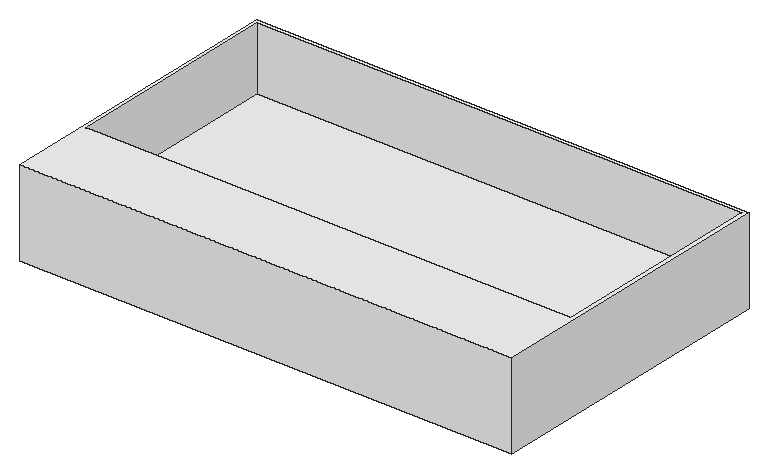
Revit family "Washbasins-hansgrohe-61097XXX-Xevolos E Washbasin 800_480 without tap hole and overflow, SmartClean", category Plumbing Fixtures, Revit 2019
Family settings
  Round Connector Dimension = Use Diameter
  Part Type = Valve - Breaks Into
  OmniClass Number = 23.31.13.00
  Work Plane-Based = No
  Always vertical = Yes
  Cut with Voids When Loaded = No
  Shared = Yes
  Room Calculation Point = No
Parameters (values of type "61097-61097450-GLOSSY_WHITE-200")
  X2 = 0
  X1 = 280
  WEIGHT = "20"
  UNSPSC = "301815 | Sanitary ware"
  UNIFORMATII = "D2010 | Plumbing Fixtures"
  UNICLASS_2015_CODE = "40_20_96"
  UNICLASS2015 = "Pr_40_20_96 | Wash basins, sinks and troughs"
  TYP = 1
  TAP = 0
  SURFACE = "GLOSSY_WHITE"
  SPECIFICATION = "Surfaces:  - 61097450 White   Specification:  • consists of: washbasin, waste set, cover  • material: ceramic  • SmartClean: dirt-repellent glaze • degree of gloss: glossy  • ceramic cover included • without tap hole • without overflow • without shelf • non-closing waste set • 800 x 480 mm • type of installation: wall mounted  • suitable for cabinet"
  REGION = "Worldwide"
  PRODUCTURL = "https://pro.hansgrohe.com/articledetail--61097450"
  PRODUCTGROUP = "Washbasins"
  PRODUCTFAMILY = "Xevolos E"
  PERMALINK = "61097XXX"
  OMNICLASS = "23-31 13 00 | Sinks"
  OBJECTTYPE = "Object (single object)"
  NN = "Xevolos Washbasin"
  NBSYN = "$BASENUMBER.-$ARTNR.-$SURFACE.-$LODLEVEL."
  NB = "61097-61097450-GLOSSY_WHITE-200"
  NAME = "Xevolos E Washbasin 800/480 without tap hole and overflow, SmartClean"
  Model = "61097-61097450-GLOSSY_WHITE-200"
  Manufacturer = "Hansgrohe"
  MIdent = "{$CADENAS_DATA/23d-libs/hansgrohe/xevolos_washbasin/xevolos_washbasin.prj},222 {VTYP=3D},{NB=61097-61097450-GLOSSY_WHITE-200},{LINA=61097-61097450-GLOSSY_WHITE-200},{NN=Xevolos Washbasin},{DATE=13.03.2023 11:34:45},{GEOMDATE=13.03.2023 11:34:00},{VERSION=},{LINEID=770},{WBVAR=LODLEVEL},{WBNUMERIC=}  {NB=61097-61097450-GLOSSY_WHITE-200},{LINA=61097-61097450-GLOSSY_WHITE-200},{KT=DUMMY},{IDNR=10},{ARTNR=61097450},{BASENUMBER=61097},{MODEL=61097XXX},{SURFACE=GLOSSY_WHITE},{LODLEVEL=200},{LODLEVELX='400','400','200','200'},{L=800.000},{LI=560.000},{X1=280.000},{X2=0.000},{DO=46.000},{DOT=35.000},{TAP=0},{TYP=1},{NAME=Xevolos E Washbasin 800/480 without tap hole and overflow, SmartClean},{PERMALINK=61097XXX},{OBJECTTYPE=Object (single object)},{BIMOBJECT=Sanitary: Wash Basins},{PRODUCTFAMILY=Xevolos E},{PRODUCTGROUP=Washbasins},{WEIGHT=20},{DESCRIPTION=Xevolos E Washbasin 800/480 without tap hole and overflow, SmartClean},{SPECIFICATION=Surfaces:  - 61097450 White   Specification:  • consists of: washbasin, waste set, cover  • material: ceramic  • SmartClean: dirt-repellent glaze • degree of gloss: glossy  • ceramic cover included • without tap hole • without overflow • without shelf • non-closing waste set • 800 x 480 mm • type of installation: wall mounted  • suitable for cabinet},{PRODUCTURL=https://pro.hansgrohe.com/articledetail--61097450},{GTINCODE=4059625420829},{IFC=Sanitary Terminal},{ETIM=EC011550 | Washbasin},{UNICLASS2015=Pr_40_20_96 | Wash basins, sinks and troughs},{OMNICLASS=23-31 13 00 | Sinks},{MASTERFORMAT=22 41 16.13 | Residential Lavatories},{UNSPSC=301815 | Sanitary ware},{UNIFORMATII=D2010 | Plumbing Fixtures},{REGION=Worldwide},{DESIGN=Germany},{MANUFACTURER=Germany}"
  MASTERFORMAT = "22 41 16.13 | Residential Lavatories"
  LODLEVEL = "200"
  LINA = "61097-61097450-GLOSSY_WHITE-200"
  LI = 560
  L = 800
  IFC = "Sanitary Terminal"
  GTINCODE = "4059625420829"
  ETIM = "EC011550 | Washbasin"
  DOT = 35
  DO = 46
  DESIGN = "Germany"
  CNSPipeRound/cp_Ausgang_1_V = no
  CATALOG = "Hansgrohe"
  BIMOBJECT = "Sanitary: Wash Basins"
  BASENUMBER = "61097"
  ARTNR = "61097450"
  61097-61097450-GLOSSY_WHITE-400_RX0RY0RZ0TX0TY0TZ0_V = no
  61097-61097450-GLOSSY_WHITE-200_RX0RY0RZ0TX0TY0TZ0_V = yes
Types (3, lengths in mm): name | NB | Model | MIdent | LODLEVEL | LINA | 61097-61097450-GLOSSY_WHITE-400_RX0RY0RZ0TX0TY0TZ0_V | 61097-61097450-GLOSSY_WHITE-200_RX0RY0RZ0TX0TY0TZ0_V
  (no name) | "61097-61097450-GLOSSY_WHITE-400" | "61097-61097450-GLOSSY_WHITE-400" | "{$CADENAS_DATA/23d-libs/hansgrohe/xevolos_washbasin/xevolos_washbasin.prj},222 {VTYP=3D},{NB=61097-61097450-GLOSSY_WHITE-400},{LINA=61097-61097450-GLOSSY_WHITE-400},{NN=Xevolos Washbasin},{DATE=13.03.2023 11:34:45},{GEOMDATE=13.03.2023 11:34:00},{VERSION=},{LINEID=770},{WBVAR=LODLEVEL},{WBNUMERIC=}  {NB=61097-61097450-GLOSSY_WHITE-400},{LINA=61097-61097450-GLOSSY_WHITE-400},{KT=DUMMY},{IDNR=10},{ARTNR=61097450},{BASENUMBER=61097},{MODEL=61097XXX},{SURFACE=GLOSSY_WHITE},{LODLEVEL=400},{LODLEVELX='400','400','200','200'},{L=800.000},{LI=560.000},{X1=280.000},{X2=0.000},{DO=46.000},{DOT=35.000},{TAP=0},{TYP=1},{NAME=Xevolos E Washbasin 800/480 without tap hole and overflow, SmartClean},{PERMALINK=61097XXX},{OBJECTTYPE=Object (single object)},{BIMOBJECT=Sanitary: Wash Basins},{PRODUCTFAMILY=Xevolos E},{PRODUCTGROUP=Washbasins},{WEIGHT=20},{DESCRIPTION=Xevolos E Washbasin 800/480 without tap hole and overflow, SmartClean},{SPECIFICATION=Surfaces:  - 61097450 White   Specification:  • consists of: washbasin, waste set, cover  • material: ceramic  • SmartClean: dirt-repellent glaze • degree of gloss: glossy  • ceramic cover included • without tap hole • without overflow • without shelf • non-closing waste set • 800 x 480 mm • type of installation: wall mounted  • suitable for cabinet},{PRODUCTURL=https://pro.hansgrohe.com/articledetail--61097450},{GTINCODE=4059625420829},{IFC=Sanitary Terminal},{ETIM=EC011550 | Washbasin},{UNICLASS2015=Pr_40_20_96 | Wash basins, sinks and troughs},{OMNICLASS=23-31 13 00 | Sinks},{MASTERFORMAT=22 41 16.13 | Residential Lavatories},{UNSPSC=301815 | Sanitary ware},{UNIFORMATII=D2010 | Plumbing Fixtures},{REGION=Worldwide},{DESIGN=Germany},{MANUFACTURER=Germany}" | "400" | "61097-61097450-GLOSSY_WHITE-400" | yes | yes
  61097-61097450-GLOSSY_WHITE-200 | "61097-61097450-GLOSSY_WHITE-200" | "61097-61097450-GLOSSY_WHITE-200" | "{$CADENAS_DATA/23d-libs/hansgrohe/xevolos_washbasin/xevolos_washbasin.prj},222 {VTYP=3D},{NB=61097-61097450-GLOSSY_WHITE-200},{LINA=61097-61097450-GLOSSY_WHITE-200},{NN=Xevolos Washbasin},{DATE=13.03.2023 11:34:45},{GEOMDATE=13.03.2023 11:34:00},{VERSION=},{LINEID=770},{WBVAR=LODLEVEL},{WBNUMERIC=}  {NB=61097-61097450-GLOSSY_WHITE-200},{LINA=61097-61097450-GLOSSY_WHITE-200},{KT=DUMMY},{IDNR=10},{ARTNR=61097450},{BASENUMBER=61097},{MODEL=61097XXX},{SURFACE=GLOSSY_WHITE},{LODLEVEL=200},{LODLEVELX='400','400','200','200'},{L=800.000},{LI=560.000},{X1=280.000},{X2=0.000},{DO=46.000},{DOT=35.000},{TAP=0},{TYP=1},{NAME=Xevolos E Washbasin 800/480 without tap hole and overflow, SmartClean},{PERMALINK=61097XXX},{OBJECTTYPE=Object (single object)},{BIMOBJECT=Sanitary: Wash Basins},{PRODUCTFAMILY=Xevolos E},{PRODUCTGROUP=Washbasins},{WEIGHT=20},{DESCRIPTION=Xevolos E Washbasin 800/480 without tap hole and overflow, SmartClean},{SPECIFICATION=Surfaces:  - 61097450 White   Specification:  • consists of: washbasin, waste set, cover  • material: ceramic  • SmartClean: dirt-repellent glaze • degree of gloss: glossy  • ceramic cover included • without tap hole • without overflow • without shelf • non-closing waste set • 800 x 480 mm • type of installation: wall mounted  • suitable for cabinet},{PRODUCTURL=https://pro.hansgrohe.com/articledetail--61097450},{GTINCODE=4059625420829},{IFC=Sanitary Terminal},{ETIM=EC011550 | Washbasin},{UNICLASS2015=Pr_40_20_96 | Wash basins, sinks and troughs},{OMNICLASS=23-31 13 00 | Sinks},{MASTERFORMAT=22 41 16.13 | Residential Lavatories},{UNSPSC=301815 | Sanitary ware},{UNIFORMATII=D2010 | Plumbing Fixtures},{REGION=Worldwide},{DESIGN=Germany},{MANUFACTURER=Germany}" | "200" | "61097-61097450-GLOSSY_WHITE-200" | no | yes
  61097-61097450-GLOSSY_WHITE-400 | "61097-61097450-GLOSSY_WHITE-400" | "61097-61097450-GLOSSY_WHITE-400" | "{$CADENAS_DATA/23d-libs/hansgrohe/xevolos_washbasin/xevolos_washbasin.prj},222 {VTYP=3D},{NB=61097-61097450-GLOSSY_WHITE-400},{LINA=61097-61097450-GLOSSY_WHITE-400},{NN=Xevolos Washbasin},{DATE=13.03.2023 11:34:45},{GEOMDATE=13.03.2023 11:34:00},{VERSION=},{LINEID=770},{WBVAR=LODLEVEL},{WBNUMERIC=}  {NB=61097-61097450-GLOSSY_WHITE-400},{LINA=61097-61097450-GLOSSY_WHITE-400},{KT=DUMMY},{IDNR=10},{ARTNR=61097450},{BASENUMBER=61097},{MODEL=61097XXX},{SURFACE=GLOSSY_WHITE},{LODLEVEL=400},{LODLEVELX='400','400','200','200'},{L=800.000},{LI=560.000},{X1=280.000},{X2=0.000},{DO=46.000},{DOT=35.000},{TAP=0},{TYP=1},{NAME=Xevolos E Washbasin 800/480 without tap hole and overflow, SmartClean},{PERMALINK=61097XXX},{OBJECTTYPE=Object (single object)},{BIMOBJECT=Sanitary: Wash Basins},{PRODUCTFAMILY=Xevolos E},{PRODUCTGROUP=Washbasins},{WEIGHT=20},{DESCRIPTION=Xevolos E Washbasin 800/480 without tap hole and overflow, SmartClean},{SPECIFICATION=Surfaces:  - 61097450 White   Specification:  • consists of: washbasin, waste set, cover  • material: ceramic  • SmartClean: dirt-repellent glaze • degree of gloss: glossy  • ceramic cover included • without tap hole • without overflow • without shelf • non-closing waste set • 800 x 480 mm • type of installation: wall mounted  • suitable for cabinet},{PRODUCTURL=https://pro.hansgrohe.com/articledetail--61097450},{GTINCODE=4059625420829},{IFC=Sanitary Terminal},{ETIM=EC011550 | Washbasin},{UNICLASS2015=Pr_40_20_96 | Wash basins, sinks and troughs},{OMNICLASS=23-31 13 00 | Sinks},{MASTERFORMAT=22 41 16.13 | Residential Lavatories},{UNSPSC=301815 | Sanitary ware},{UNIFORMATII=D2010 | Plumbing Fixtures},{REGION=Worldwide},{DESIGN=Germany},{MANUFACTURER=Germany}" | "400" | "61097-61097450-GLOSSY_WHITE-400" | yes | no
Reference planes
  plane 1 "Center (Front/Back)": y = 0
  plane 2: z = 0
  plane 3 "Center (Left/Right)": x = 0
Dimensions and locks
  aligned and locked: level to plane 2
Nested families
  nested 1: "61097-61097450-glossy_white-200_content" at (0, 0, 0), visible <- "61097-61097450-GLOSSY_WHITE-200_RX0RY0RZ0TX0TY0TZ0_V", ContentVisible <- "61097-61097450-GLOSSY_WHITE-200_RX0RY0RZ0TX0TY0TZ0_V", type "61097-61097450-GLOSSY_WHITE-200_Content"
    with ContentVisible yes
  nested 2: "61097-61097450-glossy_white-400_content" at (0, 0, 0), visible <- "61097-61097450-GLOSSY_WHITE-400_RX0RY0RZ0TX0TY0TZ0_V", ContentVisible <- "61097-61097450-GLOSSY_WHITE-400_RX0RY0RZ0TX0TY0TZ0_V", type "61097-61097450-GLOSSY_WHITE-400_Content"
    with ContentVisible no
  nested 3: "ConnectorHost2019" at (0, 0, 0), visible <- "CNSPipeRound/cp_Ausgang_1_V", type "ConnectorHost2019"
    with Visible no, TransZ 0 mm, TransY 0 mm, TransX 0 mm, ScaleZ 1 mm, ScaleY 1 mm, ScaleX 1 mm, RotZ 180.00°, RotY 360.00°, RotX 180.00°
Connectors
  piping at (0, 0, 0), diameter 46
    settings: on nested 3, index 1, connector inside diameter 609.6 mm, connector length 0 mm, flow factor 0, pipe flow 0.0 L/s, pressure drop 0.0 Pa, fitting loss kfactor 0, connector angle 0.00°, fixture units 0, engagement length 0 mm, angle of deflection 0.00°, flow configuration 0, flow direction 2, fitting loss method 0, system type 29, joint type 0, gender type 0, connector reference index -1, connector utility 0, adjustable connector no, is connector primary yes, connector description ""
Definition of nested family "61097-61097450-glossy_white-200_content"
  Parameters (values of type "61097-61097450-GLOSSY_WHITE-200_Content")
    X2 = 0
    X1 = 280
    WEIGHT = "20"
    UNSPSC = "301815 | Sanitary ware"
    UNIFORMATII = "D2010 | Plumbing Fixtures"
    UNICLASS_2015_CODE = "40_20_96"
    UNICLASS2015 = "Pr_40_20_96 | Wash basins, sinks and troughs"
    TYP = 1
    TAP = 0
    SURFACE = "GLOSSY_WHITE"
    SPECIFICATION = "Surfaces:  - 61097450 White   Specification:  • consists of: washbasin, waste set, cover  • material: ceramic  • SmartClean: dirt-repellent glaze • degree of gloss: glossy  • ceramic cover included • without tap hole • without overflow • without shelf • non-closing waste set • 800 x 480 mm • type of installation: wall mounted  • suitable for cabinet"
    REGION = "Worldwide"
    PRODUCTURL = "https://pro.hansgrohe.com/articledetail--61097450"
    PRODUCTGROUP = "Washbasins"
    PRODUCTFAMILY = "Xevolos E"
    PERMALINK = "61097XXX"
    OMNICLASS = "23-31 13 00 | Sinks"
    OBJECTTYPE = "Object (single object)"
    NN = "Xevolos Washbasin"
    NBSYN = "$BASENUMBER.-$ARTNR.-$SURFACE.-$LODLEVEL."
    NB = "61097-61097450-GLOSSY_WHITE-200"
    NAME = "Xevolos E Washbasin 800/480 without tap hole and overflow, SmartClean"
    Model = "61097-61097450-GLOSSY_WHITE-200"
    Manufacturer = "Hansgrohe"
    MASTERFORMAT = "22 41 16.13 | Residential Lavatories"
    LODLEVEL = "200"
    LINA = "61097-61097450-GLOSSY_WHITE-200"
    LI = 560
    L = 800
    IFC = "Sanitary Terminal"
    GTINCODE = "4059625420829"
    ETIM = "EC011550 | Washbasin"
    Default Elevation = 1219.2 mm
    DOT = 35
    DO = 46
    DESIGN = "Germany"
    ContentVisible [instance] = yes
    CATALOG = "Hansgrohe"
    BIMOBJECT = "Sanitary: Wash Basins"
    BASENUMBER = "61097"
    ARTNR = "61097450"
  Reference planes
    plane 1 "Center (Front/Back)": y = 0
    plane 2: z = 0
    plane 3 "Center (Left/Right)": x = 0
  Forms (mm)
    Extrusion 1, solid, visible <- "ContentVisible", detail levels medium+fine
      sketch origin (0, -295, 147) x (-1, 0, 0) y (0, -1, 0)
        loop
          line (-400, -480) -> (400, -480) -> (400, 0) -> (-400, 0) -> (-400, -480)
      from -140 to 0
    Extrusion 2, void, detail levels medium+fine
      sketch origin (0, -295, 147) x (-1, 0, 0) y (0, -1, 0)
        loop
          line (-394, -126) -> (-394, -474) -> (394, -474) -> (394, -126) -> (-394, -126)
      from -102.5 to 0
    Extrusion 3, solid, visible <- "ContentVisible", detail levels medium+fine
      sketch origin (0, -295, 7) x (-1, 0, 0) y (0, -1, 0)
        loop
          circle (0, -295) r 34
      from -10 to 0
    Extrusion 4, solid, visible <- "ContentVisible", detail levels coarse
      sketch origin (0, -55, -3) x (1, 0, 0) y (0, 1, 0)
        loop
          line (-400, -240) -> (400, -240) -> (400, 240) -> (-400, 240) -> (-400, -240)
      from 0 to 150
  Cuts and joins
    Extrusion 2 cuts Extrusion 1
  Dimensions and locks
    aligned and locked: level to plane 2
Definition of nested family "61097-61097450-glossy_white-400_content"
  Parameters (values of type "61097-61097450-GLOSSY_WHITE-400_Content")
    X2 = 0
    X1 = 280
    WEIGHT = "20"
    UNSPSC = "301815 | Sanitary ware"
    UNIFORMATII = "D2010 | Plumbing Fixtures"
    UNICLASS_2015_CODE = "40_20_96"
    UNICLASS2015 = "Pr_40_20_96 | Wash basins, sinks and troughs"
    TYP = 1
    TAP = 0
    SURFACE = "GLOSSY_WHITE"
    SPECIFICATION = "Surfaces:  - 61097450 White   Specification:  • consists of: washbasin, waste set, cover  • material: ceramic  • SmartClean: dirt-repellent glaze • degree of gloss: glossy  • ceramic cover included • without tap hole • without overflow • without shelf • non-closing waste set • 800 x 480 mm • type of installation: wall mounted  • suitable for cabinet"
    REGION = "Worldwide"
    PRODUCTURL = "https://pro.hansgrohe.com/articledetail--61097450"
    PRODUCTGROUP = "Washbasins"
    PRODUCTFAMILY = "Xevolos E"
    PERMALINK = "61097XXX"
    OMNICLASS = "23-31 13 00 | Sinks"
    OBJECTTYPE = "Object (single object)"
    NN = "Xevolos Washbasin"
    NBSYN = "$BASENUMBER.-$ARTNR.-$SURFACE.-$LODLEVEL."
    NB = "61097-61097450-GLOSSY_WHITE-400"
    NAME = "Xevolos E Washbasin 800/480 without tap hole and overflow, SmartClean"
    Model = "61097-61097450-GLOSSY_WHITE-400"
    Manufacturer = "Hansgrohe"
    MASTERFORMAT = "22 41 16.13 | Residential Lavatories"
    LODLEVEL = "400"
    LINA = "61097-61097450-GLOSSY_WHITE-400"
    LI = 560
    L = 800
    IFC = "Sanitary Terminal"
    GTINCODE = "4059625420829"
    ETIM = "EC011550 | Washbasin"
    Default Elevation = 1219.2 mm
    DOT = 35
    DO = 46
    DESIGN = "Germany"
    ContentVisible [instance] = yes
    CATALOG = "Hansgrohe"
    BIMOBJECT = "Sanitary: Wash Basins"
    BASENUMBER = "61097"
    ARTNR = "61097450"
  Reference planes
    plane 1 "Center (Front/Back)": y = 0
    plane 2: z = 0
    plane 3 "Center (Left/Right)": x = 0
  Forms (mm)
    Extrusion 1, solid, visible <- "ContentVisible", detail levels medium+fine
      sketch origin (0, -295, 7) x (0, 0, -1) y (0, -1, 0)
        loop
          line (-140, -474) -> (-121, -474) -> (-62.906, -440.46)
          arc (-62.906, -440.46) -> (-37.353, -414.906) -> (-28, -380) r 69.813
          line (-28, -380) -> (-37.5, -380)
          arc (-37.5, -380) -> (-45.58, -410.156) -> (-67.656, -432.232) r 60.313
          line (-67.656, -432.232) -> (-140, -474)
      from -295 to 295
    Revolve 2, solid, visible <- "ContentVisible", detail levels medium+fine
      sketch origin (-295, -295, 7) x (0, 0, -1) y (0, -1, 0)
        loop
          line (-140, -474) -> (-121, -474) -> (-62.906, -440.46)
          arc (-62.906, -440.46) -> (-37.353, -414.906) -> (-28, -380) r 69.813
          line (-28, -380) -> (-37.5, -380)
          arc (-37.5, -380) -> (-45.58, -410.156) -> (-67.656, -432.232) r 60.313
          line (-67.656, -432.232) -> (-140, -474)
        axis (-140, -375) -> (-28, -375)
      angle from -90 to 0
    Extrusion 3, solid, visible <- "ContentVisible", detail levels medium+fine
      sketch origin (0, -70, 7) x (-1, 0, 0) y (0, 0, -1)
        loop
          line (300, -28) -> (300, -37.5)
          arc (300, -37.5) -> (330.156, -45.58) -> (352.232, -67.656) r 60.313
          line (352.232, -67.656) -> (394, -140) -> (394, -121) -> (360.46, -62.906)
          arc (360.46, -62.906) -> (334.906, -37.353) -> (300, -28) r 69.813
      from -150 to 0
    Revolve 4, solid, visible <- "ContentVisible", detail levels medium+fine
      sketch origin (-295, -295, 7) x (0, 0, -1) y (0, -1, 0)
        loop
          line (-140, -126) -> (-67.656, -167.768)
          arc (-67.656, -167.768) -> (-45.58, -189.844) -> (-37.5, -220) r 60.313
          line (-37.5, -220) -> (-28, -220)
          arc (-28, -220) -> (-37.353, -185.094) -> (-62.906, -159.54) r 69.813
          line (-62.906, -159.54) -> (-121, -126) -> (-140, -126)
        axis (-28, -225) -> (-140, -225)
      angle from -90 to 0
    Extrusion 5, solid, visible <- "ContentVisible", detail levels medium+fine
      sketch origin (0, -295, 7) x (0, 0, -1) y (0, -1, 0)
        loop
          line (-140, -126) -> (-67.656, -167.768)
          arc (-67.656, -167.768) -> (-45.58, -189.844) -> (-37.5, -220) r 60.313
          line (-37.5, -220) -> (-28, -220)
          arc (-28, -220) -> (-37.353, -185.094) -> (-62.906, -159.54) r 69.813
          line (-62.906, -159.54) -> (-121, -126) -> (-140, -126)
      from -295 to 295
    Revolve 6, solid, visible <- "ContentVisible", detail levels medium+fine
      sketch origin (295, -295, 7) x (0, 0, -1) y (0, -1, 0)
        loop
          line (-140, -126) -> (-67.656, -167.768)
          arc (-67.656, -167.768) -> (-45.58, -189.844) -> (-37.5, -220) r 60.313
          line (-37.5, -220) -> (-28, -220)
          arc (-28, -220) -> (-37.353, -185.094) -> (-62.906, -159.54) r 69.813
          line (-62.906, -159.54) -> (-121, -126) -> (-140, -126)
        axis (-28, -225) -> (-140, -225)
      angle from 0 to 90
    Extrusion 7, solid, visible <- "ContentVisible", detail levels medium+fine
      sketch origin (0, -70, 7) x (-1, 0, 0) y (0, 0, -1)
        loop
          line (-394, -121) -> (-394, -140) -> (-352.232, -67.656)
          arc (-352.232, -67.656) -> (-330.156, -45.58) -> (-300, -37.5) r 60.313
          line (-300, -37.5) -> (-300, -28)
          arc (-300, -28) -> (-334.906, -37.353) -> (-360.46, -62.906) r 69.813
          line (-360.46, -62.906) -> (-394, -121)
      from -150 to 0
    Revolve 8, solid, visible <- "ContentVisible", detail levels medium+fine
      sketch origin (295, -295, 7) x (0, 0, -1) y (0, -1, 0)
        loop
          line (-140, -474) -> (-121, -474) -> (-62.906, -440.46)
          arc (-62.906, -440.46) -> (-37.353, -414.906) -> (-28, -380) r 69.813
          line (-28, -380) -> (-37.5, -380)
          arc (-37.5, -380) -> (-45.58, -410.156) -> (-67.656, -432.232) r 60.313
          line (-67.656, -432.232) -> (-140, -474)
        axis (-140, -375) -> (-28, -375)
      angle from 0 to 90
    Extrusion 9, solid, visible <- "ContentVisible", detail levels medium+fine
      sketch origin (0, -295, 35) x (-1, 0, 0) y (0, -1, 0)
        loop
          line (-300, -225) -> (-300, -375)
          arc (-300, -375) -> (-298.536, -378.536) -> (-295, -380) r 5
          line (-295, -380) -> (295, -380)
          arc (295, -380) -> (298.536, -378.536) -> (300, -375) r 5
          line (300, -375) -> (300, -225)
          arc (300, -225) -> (298.536, -221.464) -> (295, -220) r 5
          line (295, -220) -> (-295, -220)
          arc (-295, -220) -> (-298.536, -221.464) -> (-300, -225) r 5
        loop
          line (-60, -252.5) -> (-60, -337.5) -> (60, -337.5) -> (60, -252.5) -> (-60, -252.5)
      from 0 to 9.5
    Extrusion 10, solid, visible <- "ContentVisible", detail levels medium+fine
      sketch origin (0, -295, 147) x (-1, 0, 0) y (0, -1, 0)
        loop
          line (-400, -480) -> (400, -480) -> (400, 0) -> (-400, 0) -> (-400, -480)
        loop
          line (-394, -226) -> (-394, -374)
          arc (-394, -374) -> (-364.711, -444.711) -> (-294, -474) r 100
          line (-294, -474) -> (294, -474)
          arc (294, -474) -> (364.711, -444.711) -> (394, -374) r 100
          line (394, -374) -> (394, -226)
          arc (394, -226) -> (364.711, -155.289) -> (294, -126) r 100
          line (294, -126) -> (-294, -126)
          arc (-294, -126) -> (-364.711, -155.289) -> (-394, -226) r 100
      from -13 to 0
    Extrusion 11, solid, visible <- "ContentVisible", detail levels medium+fine
      sketch origin (0, -295, 134) x (-1, 0, 0) y (0, -1, 0)
        loop
          line (-400, -480) -> (400, -480) -> (400, 0) -> (390, 0) -> (390, -470) -> (-390, -470) -> (-390, 0) -> (-400, 0) -> (-400, -480)
      from -127 to 0
    Extrusion 12, solid, visible <- "ContentVisible", detail levels medium+fine
      sketch origin (0, -295, 17) x (-1, 0, 0) y (0, -1, 0)
        loop
          line (-390, -35) -> (-390, -470) -> (390, -470) -> (390, -35) -> (350, -35) -> (350, -380)
          arc (350, -380) -> (335.355, -415.355) -> (300, -430) r 50
          line (300, -430) -> (-300, -430)
          arc (-300, -430) -> (-335.355, -415.355) -> (-350, -380) r 50
          line (-350, -380) -> (-350, -35) -> (-390, -35)
      from 0 to 50
    Extrusion 13, solid, visible <- "ContentVisible", detail levels medium+fine
      sketch origin (0, -295, 7) x (-1, 0, 0) y (0, 0, -1)
        loop
          line (-390, -10) -> (-390, -127) -> (390, -127) -> (390, -10) -> (65, -10) -> (59.568, -21.649)
          arc (59.568, -21.649) -> (55.509, -26.277) -> (49.599, -28) r 11
          line (49.599, -28) -> (-49.599, -28)
          arc (-49.599, -28) -> (-55.509, -26.277) -> (-59.568, -21.649) r 11
          line (-59.568, -21.649) -> (-65, -10) -> (-390, -10)
      from -35 to 0
    Extrusion 14, solid, visible <- "ContentVisible", detail levels medium+fine
      sketch origin (-280, -295, 7) x (0, 0, -1) y (0, -1, 0)
        loop
          line (-127, -35) -> (-127, -127.732) -> (-65.156, -163.437)
          arc (-65.156, -163.437) -> (-41.25, -187.344) -> (-32.5, -220) r 65.313
          line (-32.5, -220) -> (-32.5, -380)
          arc (-32.5, -380) -> (-39.303, -409.023) -> (-58.294, -432) r 65.313
          line (-58.294, -432) -> (-30.544, -432) -> (-10, -40) -> (-10, -35) -> (-127, -35)
      from 0 to 80
    Extrusion 15, solid, visible <- "ContentVisible", detail levels medium+fine
      sketch origin (280, -295, 7) x (0, 0, -1) y (0, -1, 0)
        loop
          line (-127, -35) -> (-127, -127.732) -> (-65.156, -163.437)
          arc (-65.156, -163.437) -> (-41.25, -187.344) -> (-32.5, -220) r 65.313
          line (-32.5, -220) -> (-32.5, -380)
          arc (-32.5, -380) -> (-39.303, -409.023) -> (-58.294, -432) r 65.313
          line (-58.294, -432) -> (-30.544, -432) -> (-10, -40) -> (-10, -35) -> (-127, -35)
      from -80 to 0
    Extrusion 16, solid, visible <- "ContentVisible", detail levels medium+fine
      sketch origin (0, -295, 17) x (-1, 0, 0) y (0, -1, 0)
        loop
          line (-72, -261.5) -> (-72, -328.5)
          arc (-72, -328.5) -> (-65.703, -343.703) -> (-50.5, -350) r 21.5
          line (-50.5, -350) -> (50.5, -350)
          arc (50.5, -350) -> (65.703, -343.703) -> (72, -328.5) r 21.5
          line (72, -328.5) -> (72, -261.5)
          arc (72, -261.5) -> (65.703, -246.297) -> (50.5, -240) r 21.5
          line (50.5, -240) -> (-50.5, -240)
          arc (-50.5, -240) -> (-65.703, -246.297) -> (-72, -261.5) r 21.5
      from 0 to 18
    Revolve 17, solid, visible <- "ContentVisible", detail levels medium+fine
      sketch origin (0, 0, 7) x (-1, 0, 0) y (0, 0, -1)
        loop
          line (23, -4.5) -> (42.5, -27.441) -> (42.5, -10) -> (34, 0) -> (34, 7) -> (23, 7) -> (23, -4.5)
        axis (0, -27.441) -> (0, 7)
      angle from -360 to 0
    Extrusion 18, solid, visible <- "ContentVisible", detail levels medium+fine
      sketch origin (0, -295, -3) x (-1, 0, 0) y (0, -1, 0)
        loop
          circle (0, -295) r 7.5
      from 0 to 41
    Extrusion 19, solid, visible <- "ContentVisible", detail levels medium+fine
      sketch origin (0, -295, 38) x (-1, 0, 0) y (0, -1, 0)
        loop
          circle (0, -295) r 32.5
      from 0 to 2
    Extrusion 20, solid, visible <- "ContentVisible", detail levels medium+fine
      sketch origin (0, 0, 7) x (-1, 0, 0) y (0, 0, -1)
        loop
          arc (-54.85, -33) -> (-57.5, -35.65) -> (-54.85, -38.3) r 2.65
          arc (-54.85, -38.3) -> (0, -43.036) -> (54.85, -38.3) r 320
          arc (54.85, -38.3) -> (57.5, -35.65) -> (54.85, -33) r 2.65
          line (54.85, -33) -> (-54.85, -33)
      from -40 to 40
    Extrusion 21, void, detail levels medium+fine
      sketch origin (0, -295, 7) x (-1, 0, 0) y (0, 0, -1)
        loop
          circle (140, -83) r 8
      from -30 to 30
    Extrusion 22, void, detail levels medium+fine
      sketch origin (0, -295, 7) x (-1, 0, 0) y (0, 0, -1)
        loop
          circle (-140, -83) r 8
      from -30 to 30
    Extrusion 23, solid, visible <- "ContentVisible", detail levels coarse
      sketch origin (0, -55, -3) x (1, 0, 0) y (0, 1, 0)
        loop
          line (-400, -240) -> (400, -240) -> (400, 240) -> (-400, 240) -> (-400, -240)
      from 0 to 150
  Cuts and joins
    Extrusion 21, Extrusion 22 cuts Extrusion 1
    Extrusion 21, Extrusion 22 cuts Revolve 2
    Extrusion 21, Extrusion 22 cuts Extrusion 3
    Extrusion 21, Extrusion 22 cuts Revolve 4
    Extrusion 21, Extrusion 22 cuts Extrusion 5
    Extrusion 21, Extrusion 22 cuts Revolve 6
    Extrusion 21, Extrusion 22 cuts Extrusion 7
    Extrusion 21, Extrusion 22 cuts Revolve 8
    Extrusion 21, Extrusion 22 cuts Extrusion 9
    Extrusion 21, Extrusion 22 cuts Extrusion 10
    Extrusion 21, Extrusion 22 cuts Extrusion 11
    Extrusion 21, Extrusion 22 cuts Extrusion 12
    Extrusion 21, Extrusion 22 cuts Extrusion 13
    Extrusion 21, Extrusion 22 cuts Extrusion 14
    Extrusion 21, Extrusion 22 cuts Extrusion 15
    Extrusion 21, Extrusion 22 cuts Extrusion 16
    Extrusion 21, Extrusion 22 cuts Revolve 17
    Extrusion 21, Extrusion 22 cuts Extrusion 18
    Extrusion 21, Extrusion 22 cuts Extrusion 19
    Extrusion 21, Extrusion 22 cuts Extrusion 20
  Dimensions and locks
    aligned and locked: level to plane 2
